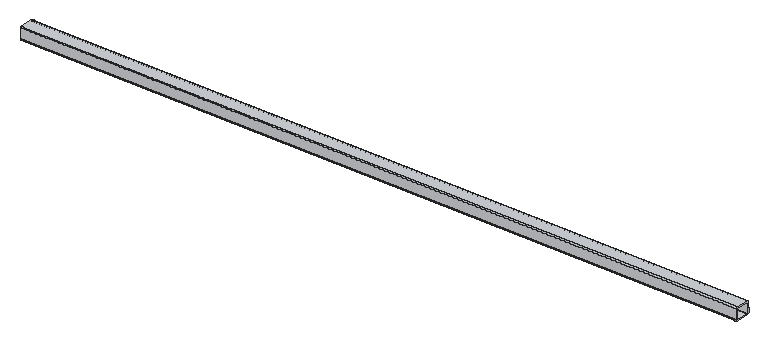
Revit family "CENTUM Profil XL 120 6m vertikal L2D", category HLS-Bauteile, Revit 2023
Family settings
  Bemaßung runder Anschluss = Durchmesser verwenden
  Teiletyp = Normal
  Arbeitsebenenbasiert = Ja
  Immer vertikal = Nein
  Beim Laden mit Abzugskörper schneiden = Nein
  Beschriftungsausrichtung beibehalten = Nein
  Gemeinsam genutzt = Ja
  Raumberechnungspunkt = Nein
Parameters (values of type "Centum Profil XL120 L=6000 L2D")
  vpe = "6"
  Widerstandsmoment Wz = "47.44 cm³"
  Widerstandsmoment Wy = "51.76 cm³"
  Default Elevation = 1219.2 mm
  Trägheitsradius iz = "4.05 cm"
  Trägheitsradius iy = "4.64 cm"
  Torsionswiderstandsmoment Wt = "89.10 cm³"
  Stärke = 4 mm
  Streckgrenze = "235 N/mm²"
  Schwerpunktabstand ez = " cm"
  Schwerpunktabstand eu = " cm"
  Schwerpunktabstand eo = " cm"
  Schlitzbreite = " mm"
  Regelhalter [instance] = ""
  Profiltyp = "XL 120"
  Profil = "CENTUM"
  Oberflaeche = "feuerstückverzinkt"
  Montagelänge [instance] = 6000 mm
  Mengeneinheit = "m"
  Materialname = "S275"
  Material = "Stahl"
  Länge = 6000 mm
  Lochdurchmesser = " mm"
  Langloch = "14.0 x 65.0 mm"
  Kurztext2 = "100 / 120 / 4 mm L= 6 m fsv"
  Kurztext1 = "Montageprofil CENTUM XL 120"
  Höhe = "120 mm"
  Gewicht pro Stück [instance] = (Gewicht * Montagelänge / (1000 mm * 1000 mm)) * 1000 mm  # 73.20 kg
  Gewicht pro Bauteil [instance] = Gewicht pro Stück  # 73.20 kg
  Gewicht = 12.20 kg
  Gesamtlänge [instance] = Montagelänge  # 6000 mm
  Gesamtgewicht [instance] = Gewicht pro Bauteil  # 73.20 kg
  Fläche (schwächster Profilquerschnitt) = 0.001445 m²
  Firma = "MEFA Befestigungs- und Montagesysteme GmbH"
  Fabrikat = "MEFA"
  Erweiterung Langloch = " mm"
  EAN = "4250928436641"
  Bund = "72 m"
  Breite = 100 mm
  Artikelnummer = "16012060"
  Anzahl Langloch [instance] = Montagelänge / 80 mm  # 75
  Abmessung = "100/120/4.0 mm"
Reference planes
  plane 1 "Mitte (Vorne/hinten)": y = 0
  plane 2: z = 0
  plane 3 "Mitte (Links/rechts)": x = 0
  plane 4: x = 6000
Forms (mm)
  Extrusion 1, solid, detail levels fine
    sketch origin (0, -60, 50) x (0, 0, -1) y (0, 1, 0)
      loop
        arc (44, 0) -> (48.243, 1.757) -> (50, 6) r 6
        line (50, 6) -> (50, 114)
        arc (50, 114) -> (48.243, 118.243) -> (44, 120) r 6
        line (44, 120) -> (-44, 120)
        arc (-44, 120) -> (-48.243, 118.243) -> (-50, 114) r 6
        line (-50, 114) -> (-50, 6)
        arc (-50, 6) -> (-48.243, 1.757) -> (-44, 0) r 6
        line (-44, 0) -> (44, 0)
      loop
        arc (46, 114) -> (45.414, 115.414) -> (44, 116) r 2
        line (44, 116) -> (-44, 116)
        arc (-44, 116) -> (-45.414, 115.414) -> (-46, 114) r 2
        line (-46, 114) -> (-46, 6)
        arc (-46, 6) -> (-45.414, 4.586) -> (-44, 4) r 2
        line (-44, 4) -> (44, 4)
        arc (44, 4) -> (45.414, 4.586) -> (46, 6) r 2
        line (46, 6) -> (46, 114)
    from 0 to 6000
  Extrusion 2, solid, detail levels medium
    sketch origin (0, -60, 50) x (0, 0, -1) y (0, 1, 0)
      loop
        line (50, 0) -> (50, 120) -> (-50, 120) -> (-50, 0) -> (50, 0)
      loop
        line (46, 116) -> (-46, 116) -> (-46, 4) -> (46, 4) -> (46, 116)
    from 0 to 6000
  Extrusion 3, solid, detail levels coarse
    sketch origin (0, -60, 50) x (0, 0, -1) y (0, 1, 0)
      loop
        line (50, 0) -> (50, 120) -> (-50, 120) -> (-50, 0) -> (50, 0)
    from 0 to 6000
Lines and regions (mm)
  model lines
    curve 1: line (0, 70, 50) -> (0, -70, 50)
    curve 2: line (0, 0, 130) -> (0, 0, -10)
Dimensions and locks
  "Montagelänge": plane 4 to plane 3 "Mitte (Links/rechts)"
  Extrusion 1 sketch curve to Extrusion 1 sketch curve = 120 mm
  Extrusion 2 sketch curve to Extrusion 2 sketch curve = 120 mm
  Extrusion 3 sketch curve to Extrusion 3 sketch curve = 120 mm
  equal spacing: group 1, group 2, group 3, group 4, group 5, group 6, group 7, group 8, group 9, group 10, group 11, group 12, group 13, group 14, group 15, group 16, group 17, group 18, group 19, group 20, group 21, group 22, group 23, group 24, group 25, group 26, group 27, group 28, group 29, group 30, group 31, group 32, group 33, group 34, group 35, group 36, group 37, group 38, group 39, group 40, group 41, group 42, group 43, group 44, group 45, group 46, group 47, group 48, group 49, group 50, group 51, group 52, group 53, group 54, group 55, group 56, group 57, group 58, group 59, group 60, group 61, group 62, group 63, group 64, group 65, group 66, group 67, group 68, group 69, group 70, group 71, group 72, group 73, group 74, group 75  (x3)
  aligned and locked: level to plane 2
  aligned and locked: plane 4 to Extrusion 1
  aligned and locked: Extrusion 3 to Extrusion 1
  aligned and locked: Extrusion 2 to Extrusion 1
  aligned and locked: nested 1 to nested 2
  aligned and locked: nested 2 to nested 3
  aligned and locked: nested 1 to nested 4
  aligned and locked: nested 5 to nested 6
  aligned and locked: nested 6 to nested 7
  aligned and locked: nested 5 to nested 8
  aligned and locked: nested 9 to nested 10
  aligned and locked: nested 10 to nested 11
  aligned and locked: nested 9 to nested 12
  aligned and locked: nested 13 to nested 14
  aligned and locked: nested 14 to nested 15
  aligned and locked: nested 13 to nested 16
  aligned and locked: nested 17 to nested 18
  aligned and locked: nested 18 to nested 19
  aligned and locked: nested 17 to nested 20
  aligned and locked: nested 21 to nested 22
  aligned and locked: nested 22 to nested 23
  aligned and locked: nested 21 to nested 24
  aligned and locked: nested 25 to nested 26
  aligned and locked: nested 26 to nested 27
  aligned and locked: nested 25 to nested 28
  aligned and locked: nested 29 to nested 30
  aligned and locked: nested 30 to nested 31
  aligned and locked: nested 29 to nested 32
  aligned and locked: nested 33 to nested 34
  aligned and locked: nested 34 to nested 35
  aligned and locked: nested 33 to nested 36
  aligned and locked: nested 37 to nested 38
  aligned and locked: nested 38 to nested 39
  aligned and locked: nested 37 to nested 40
  aligned and locked: nested 41 to nested 42
  aligned and locked: nested 42 to nested 43
  aligned and locked: nested 41 to nested 44
  aligned and locked: nested 45 to nested 46
  aligned and locked: nested 46 to nested 47
  aligned and locked: nested 45 to nested 48
  aligned and locked: nested 49 to nested 50
  aligned and locked: nested 50 to nested 51
  aligned and locked: nested 49 to nested 52
  aligned and locked: nested 53 to nested 54
  aligned and locked: nested 54 to nested 55
  aligned and locked: nested 53 to nested 56
  aligned and locked: nested 57 to nested 58
  aligned and locked: nested 58 to nested 59
  aligned and locked: nested 57 to nested 60
  aligned and locked: nested 61 to nested 62
  aligned and locked: nested 62 to nested 63
  aligned and locked: nested 61 to nested 64
  aligned and locked: nested 65 to nested 66
  aligned and locked: nested 66 to nested 67
  aligned and locked: nested 65 to nested 68
  aligned and locked: nested 69 to nested 70
  aligned and locked: nested 70 to nested 71
  aligned and locked: nested 69 to nested 72
  aligned and locked: nested 73 to nested 74
  aligned and locked: nested 74 to nested 75
  aligned and locked: nested 73 to nested 76
  aligned and locked: nested 77 to nested 78
  aligned and locked: nested 78 to nested 79
  aligned and locked: nested 77 to nested 80
  aligned and locked: nested 81 to nested 82
  aligned and locked: nested 82 to nested 83
  aligned and locked: nested 81 to nested 84
  aligned and locked: nested 85 to nested 86
  aligned and locked: nested 86 to nested 87
  aligned and locked: nested 85 to nested 88
  aligned and locked: nested 89 to nested 90
  aligned and locked: nested 90 to nested 91
  aligned and locked: nested 89 to nested 92
  aligned and locked: nested 93 to nested 94
  aligned and locked: nested 94 to nested 95
  aligned and locked: nested 93 to nested 96
  aligned and locked: nested 97 to nested 98
  aligned and locked: nested 98 to nested 99
  aligned and locked: nested 97 to nested 100
  aligned and locked: nested 101 to nested 102
  aligned and locked: nested 102 to nested 103
  aligned and locked: nested 101 to nested 104
  aligned and locked: nested 105 to nested 106
  aligned and locked: nested 106 to nested 107
  aligned and locked: nested 105 to nested 108
  aligned and locked: nested 109 to nested 110
  aligned and locked: nested 110 to nested 111
  aligned and locked: nested 109 to nested 112
  aligned and locked: nested 113 to nested 114
  aligned and locked: nested 114 to nested 115
  aligned and locked: nested 113 to nested 116
  aligned and locked: nested 117 to nested 118
  aligned and locked: nested 118 to nested 119
  aligned and locked: nested 117 to nested 120
  aligned and locked: nested 121 to nested 122
  aligned and locked: nested 122 to nested 123
  aligned and locked: nested 121 to nested 124
  aligned and locked: nested 125 to nested 126
  aligned and locked: nested 126 to nested 127
  aligned and locked: nested 125 to nested 128
  aligned and locked: nested 129 to nested 130
  aligned and locked: nested 130 to nested 131
  aligned and locked: nested 129 to nested 132
  aligned and locked: nested 133 to nested 134
  aligned and locked: nested 134 to nested 135
  aligned and locked: nested 133 to nested 136
  aligned and locked: nested 137 to nested 138
  aligned and locked: nested 138 to nested 139
  aligned and locked: nested 137 to nested 140
  aligned and locked: nested 141 to nested 142
  aligned and locked: nested 142 to nested 143
  aligned and locked: nested 141 to nested 144
  aligned and locked: nested 145 to nested 146
  aligned and locked: nested 146 to nested 147
  aligned and locked: nested 145 to nested 148
  aligned and locked: nested 149 to nested 150
  aligned and locked: nested 150 to nested 151
  aligned and locked: nested 149 to nested 152
  aligned and locked: nested 153 to nested 154
  aligned and locked: nested 154 to nested 155
  aligned and locked: nested 153 to nested 156
  aligned and locked: nested 157 to nested 158
  aligned and locked: nested 158 to nested 159
  aligned and locked: nested 157 to nested 160
  aligned and locked: nested 161 to nested 162
  aligned and locked: nested 162 to nested 163
  aligned and locked: nested 161 to nested 164
  aligned and locked: nested 165 to nested 166
  aligned and locked: nested 166 to nested 167
  aligned and locked: nested 165 to nested 168
  aligned and locked: nested 169 to nested 170
  aligned and locked: nested 170 to nested 171
  aligned and locked: nested 169 to nested 172
  aligned and locked: nested 173 to nested 174
  aligned and locked: nested 174 to nested 175
  aligned and locked: nested 173 to nested 176
  aligned and locked: nested 177 to nested 178
  aligned and locked: nested 178 to nested 179
  aligned and locked: nested 177 to nested 180
  aligned and locked: nested 181 to nested 182
  aligned and locked: nested 182 to nested 183
  aligned and locked: nested 181 to nested 184
  aligned and locked: nested 185 to nested 186
  aligned and locked: nested 186 to nested 187
  aligned and locked: nested 185 to nested 188
  aligned and locked: nested 189 to nested 190
  aligned and locked: nested 190 to nested 191
  aligned and locked: nested 189 to nested 192
  aligned and locked: nested 193 to nested 194
  aligned and locked: nested 194 to nested 195
  aligned and locked: nested 193 to nested 196
  aligned and locked: nested 197 to nested 198
  aligned and locked: nested 198 to nested 199
  aligned and locked: nested 197 to nested 200
  aligned and locked: nested 201 to nested 202
  aligned and locked: nested 202 to nested 203
  aligned and locked: nested 201 to nested 204
  aligned and locked: nested 205 to nested 206
  aligned and locked: nested 206 to nested 207
  aligned and locked: nested 205 to nested 208
  aligned and locked: nested 209 to nested 210
  aligned and locked: nested 210 to nested 211
  aligned and locked: nested 209 to nested 212
  aligned and locked: nested 213 to nested 214
  aligned and locked: nested 214 to nested 215
  aligned and locked: nested 213 to nested 216
  aligned and locked: nested 217 to nested 218
  aligned and locked: nested 218 to nested 219
  aligned and locked: nested 217 to nested 220
  aligned and locked: nested 221 to nested 222
  aligned and locked: nested 222 to nested 223
  aligned and locked: nested 221 to nested 224
  aligned and locked: nested 225 to nested 226
  aligned and locked: nested 226 to nested 227
  aligned and locked: nested 225 to nested 228
  aligned and locked: nested 229 to nested 230
  aligned and locked: nested 230 to nested 231
  aligned and locked: nested 229 to nested 232
  aligned and locked: nested 233 to nested 234
  aligned and locked: nested 234 to nested 235
  aligned and locked: nested 233 to nested 236
  aligned and locked: nested 237 to nested 238
  aligned and locked: nested 238 to nested 239
  aligned and locked: nested 237 to nested 240
  aligned and locked: nested 241 to nested 242
  aligned and locked: nested 242 to nested 243
  aligned and locked: nested 241 to nested 244
  aligned and locked: nested 245 to nested 246
  aligned and locked: nested 246 to nested 247
  aligned and locked: nested 245 to nested 248
  aligned and locked: nested 249 to nested 250
  aligned and locked: nested 250 to nested 251
  aligned and locked: nested 249 to nested 252
  aligned and locked: nested 253 to nested 254
  aligned and locked: nested 254 to nested 255
  aligned and locked: nested 253 to nested 256
  aligned and locked: nested 257 to nested 258
  aligned and locked: nested 258 to nested 259
  aligned and locked: nested 257 to nested 260
  aligned and locked: nested 261 to nested 262
  aligned and locked: nested 262 to nested 263
  aligned and locked: nested 261 to nested 264
  aligned and locked: nested 265 to nested 266
  aligned and locked: nested 266 to nested 267
  aligned and locked: nested 265 to nested 268
  aligned and locked: nested 269 to nested 270
  aligned and locked: nested 270 to nested 271
  aligned and locked: nested 269 to nested 272
  aligned and locked: nested 273 to nested 274
  aligned and locked: nested 274 to nested 275
  aligned and locked: nested 273 to nested 276
  aligned and locked: nested 277 to nested 278
  aligned and locked: nested 278 to nested 279
  aligned and locked: nested 277 to nested 280
  aligned and locked: nested 281 to nested 282
  aligned and locked: nested 282 to nested 283
  aligned and locked: nested 281 to nested 284
  aligned and locked: nested 285 to nested 286
  aligned and locked: nested 286 to nested 287
  aligned and locked: nested 285 to nested 288
  aligned and locked: nested 289 to nested 290
  aligned and locked: nested 290 to nested 291
  aligned and locked: nested 289 to nested 292
  aligned and locked: nested 293 to nested 294
  aligned and locked: nested 294 to nested 295
  aligned and locked: nested 293 to nested 296
  aligned and locked: nested 297 to nested 298
  aligned and locked: nested 298 to nested 299
  aligned and locked: nested 297 to nested 300
Automatic sketch dimensions
  curve 2 to plane 1 "Mitte (Vorne/hinten)" = 0 mm
  curve 2 to level = 10 mm
  plane 1 "Mitte (Vorne/hinten)" to curve 1 = 70 mm
  curve 1 to plane 1 "Mitte (Vorne/hinten)" = 70 mm
  level to curve 1 = 50 mm
  curve 1 to curve 2 = 80 mm
  Extrusion 1 sketch curve to Extrusion 1 sketch curve = 0 mm  (x8)
  plane 1 "Mitte (Vorne/hinten)" to Extrusion 1 sketch curve = 54 mm
  level to Extrusion 1 sketch curve = 100 mm
  Extrusion 1 sketch curve to Extrusion 1 sketch curve = 4 mm
  Extrusion 1 sketch curve to Extrusion 1 sketch curve = 2 mm  (x3)
  level to Extrusion 1 sketch curve = 6 mm  (x2)
  level to Extrusion 2 sketch curve = 100 mm
  Extrusion 2 sketch curve to Extrusion 2 sketch curve = 4 mm  (x4)
  level to Extrusion 2 sketch curve = 4 mm
  plane 1 "Mitte (Vorne/hinten)" to Extrusion 2 sketch curve = 60 mm
  level to Extrusion 3 sketch curve = 100 mm
  level to Extrusion 3 sketch curve = 0 mm
  plane 1 "Mitte (Vorne/hinten)" to Extrusion 3 sketch curve = 60 mm
Nested families
  nested 1: "Langloch 14 x 65 2D" at (40, 60, 50) x (-1, 0, 0) z (0, 1, 0), type "Langloch 14 x 65 2D", detail levels fine
  nested 2: "Langloch 14 x 65 2D" at (40, 0, 100) x (-1, 0, 0) z (0, 0, 1), type "Langloch 14 x 65 2D", detail levels fine
  nested 3: "Langloch 14 x 65 2D" at (40, -60, 50) x (-1, 0, 0) z (0, -1, 0), type "Langloch 14 x 65 2D", detail levels fine
  nested 4: "Langloch 14 x 65 2D" at (40, 0, 0) x (-1, 0, 0) z (0, 0, -1), type "Langloch 14 x 65 2D", detail levels fine
  nested 5: "Langloch 14 x 65 2D" at (120, 60, 50) x (-1, 0, 0) z (0, 1, 0), type "Langloch 14 x 65 2D", detail levels fine
  nested 6: "Langloch 14 x 65 2D" at (120, 0, 100) x (-1, 0, 0) z (0, 0, 1), type "Langloch 14 x 65 2D", detail levels fine
  nested 7: "Langloch 14 x 65 2D" at (120, -60, 50) x (-1, 0, 0) z (0, -1, 0), type "Langloch 14 x 65 2D", detail levels fine
  nested 8: "Langloch 14 x 65 2D" at (120, 0, 0) x (-1, 0, 0) z (0, 0, -1), type "Langloch 14 x 65 2D", detail levels fine
  nested 9: "Langloch 14 x 65 2D" at (200, 60, 50) x (-1, 0, 0) z (0, 1, 0), type "Langloch 14 x 65 2D", detail levels fine
  nested 10: "Langloch 14 x 65 2D" at (200, 0, 100) x (-1, 0, 0) z (0, 0, 1), type "Langloch 14 x 65 2D", detail levels fine
  nested 11: "Langloch 14 x 65 2D" at (200, -60, 50) x (-1, 0, 0) z (0, -1, 0), type "Langloch 14 x 65 2D", detail levels fine
  nested 12: "Langloch 14 x 65 2D" at (200, 0, 0) x (-1, 0, 0) z (0, 0, -1), type "Langloch 14 x 65 2D", detail levels fine
  nested 13: "Langloch 14 x 65 2D" at (280, 60, 50) x (-1, 0, 0) z (0, 1, 0), type "Langloch 14 x 65 2D", detail levels fine
  nested 14: "Langloch 14 x 65 2D" at (280, 0, 100) x (-1, 0, 0) z (0, 0, 1), type "Langloch 14 x 65 2D", detail levels fine
  nested 15: "Langloch 14 x 65 2D" at (280, -60, 50) x (-1, 0, 0) z (0, -1, 0), type "Langloch 14 x 65 2D", detail levels fine
  nested 16: "Langloch 14 x 65 2D" at (280, 0, 0) x (-1, 0, 0) z (0, 0, -1), type "Langloch 14 x 65 2D", detail levels fine
  nested 17: "Langloch 14 x 65 2D" at (360, 60, 50) x (-1, 0, 0) z (0, 1, 0), type "Langloch 14 x 65 2D", detail levels fine
  nested 18: "Langloch 14 x 65 2D" at (360, 0, 100) x (-1, 0, 0) z (0, 0, 1), type "Langloch 14 x 65 2D", detail levels fine
  nested 19: "Langloch 14 x 65 2D" at (360, -60, 50) x (-1, 0, 0) z (0, -1, 0), type "Langloch 14 x 65 2D", detail levels fine
  nested 20: "Langloch 14 x 65 2D" at (360, 0, 0) x (-1, 0, 0) z (0, 0, -1), type "Langloch 14 x 65 2D", detail levels fine
  nested 21: "Langloch 14 x 65 2D" at (440, 60, 50) x (-1, 0, 0) z (0, 1, 0), type "Langloch 14 x 65 2D", detail levels fine
  nested 22: "Langloch 14 x 65 2D" at (440, 0, 100) x (-1, 0, 0) z (0, 0, 1), type "Langloch 14 x 65 2D", detail levels fine
  nested 23: "Langloch 14 x 65 2D" at (440, -60, 50) x (-1, 0, 0) z (0, -1, 0), type "Langloch 14 x 65 2D", detail levels fine
  nested 24: "Langloch 14 x 65 2D" at (440, 0, 0) x (-1, 0, 0) z (0, 0, -1), type "Langloch 14 x 65 2D", detail levels fine
  nested 25: "Langloch 14 x 65 2D" at (520, 60, 50) x (-1, 0, 0) z (0, 1, 0), type "Langloch 14 x 65 2D", detail levels fine
  nested 26: "Langloch 14 x 65 2D" at (520, 0, 100) x (-1, 0, 0) z (0, 0, 1), type "Langloch 14 x 65 2D", detail levels fine
  nested 27: "Langloch 14 x 65 2D" at (520, -60, 50) x (-1, 0, 0) z (0, -1, 0), type "Langloch 14 x 65 2D", detail levels fine
  nested 28: "Langloch 14 x 65 2D" at (520, 0, 0) x (-1, 0, 0) z (0, 0, -1), type "Langloch 14 x 65 2D", detail levels fine
  nested 29: "Langloch 14 x 65 2D" at (600, 60, 50) x (-1, 0, 0) z (0, 1, 0), type "Langloch 14 x 65 2D", detail levels fine
  nested 30: "Langloch 14 x 65 2D" at (600, 0, 100) x (-1, 0, 0) z (0, 0, 1), type "Langloch 14 x 65 2D", detail levels fine
  nested 31: "Langloch 14 x 65 2D" at (600, -60, 50) x (-1, 0, 0) z (0, -1, 0), type "Langloch 14 x 65 2D", detail levels fine
  nested 32: "Langloch 14 x 65 2D" at (600, 0, 0) x (-1, 0, 0) z (0, 0, -1), type "Langloch 14 x 65 2D", detail levels fine
  nested 33: "Langloch 14 x 65 2D" at (680, 60, 50) x (-1, 0, 0) z (0, 1, 0), type "Langloch 14 x 65 2D", detail levels fine
  nested 34: "Langloch 14 x 65 2D" at (680, 0, 100) x (-1, 0, 0) z (0, 0, 1), type "Langloch 14 x 65 2D", detail levels fine
  nested 35: "Langloch 14 x 65 2D" at (680, -60, 50) x (-1, 0, 0) z (0, -1, 0), type "Langloch 14 x 65 2D", detail levels fine
  nested 36: "Langloch 14 x 65 2D" at (680, 0, 0) x (-1, 0, 0) z (0, 0, -1), type "Langloch 14 x 65 2D", detail levels fine
  nested 37: "Langloch 14 x 65 2D" at (760, 60, 50) x (-1, 0, 0) z (0, 1, 0), type "Langloch 14 x 65 2D", detail levels fine
  nested 38: "Langloch 14 x 65 2D" at (760, 0, 100) x (-1, 0, 0) z (0, 0, 1), type "Langloch 14 x 65 2D", detail levels fine
  nested 39: "Langloch 14 x 65 2D" at (760, -60, 50) x (-1, 0, 0) z (0, -1, 0), type "Langloch 14 x 65 2D", detail levels fine
  nested 40: "Langloch 14 x 65 2D" at (760, 0, 0) x (-1, 0, 0) z (0, 0, -1), type "Langloch 14 x 65 2D", detail levels fine
  nested 41: "Langloch 14 x 65 2D" at (840, 60, 50) x (-1, 0, 0) z (0, 1, 0), type "Langloch 14 x 65 2D", detail levels fine
  nested 42: "Langloch 14 x 65 2D" at (840, 0, 100) x (-1, 0, 0) z (0, 0, 1), type "Langloch 14 x 65 2D", detail levels fine
  nested 43: "Langloch 14 x 65 2D" at (840, -60, 50) x (-1, 0, 0) z (0, -1, 0), type "Langloch 14 x 65 2D", detail levels fine
  nested 44: "Langloch 14 x 65 2D" at (840, 0, 0) x (-1, 0, 0) z (0, 0, -1), type "Langloch 14 x 65 2D", detail levels fine
  nested 45: "Langloch 14 x 65 2D" at (920, 60, 50) x (-1, 0, 0) z (0, 1, 0), type "Langloch 14 x 65 2D", detail levels fine
  nested 46: "Langloch 14 x 65 2D" at (920, 0, 100) x (-1, 0, 0) z (0, 0, 1), type "Langloch 14 x 65 2D", detail levels fine
  nested 47: "Langloch 14 x 65 2D" at (920, -60, 50) x (-1, 0, 0) z (0, -1, 0), type "Langloch 14 x 65 2D", detail levels fine
  nested 48: "Langloch 14 x 65 2D" at (920, 0, 0) x (-1, 0, 0) z (0, 0, -1), type "Langloch 14 x 65 2D", detail levels fine
  nested 49: "Langloch 14 x 65 2D" at (1000, 60, 50) x (-1, 0, 0) z (0, 1, 0), type "Langloch 14 x 65 2D", detail levels fine
  nested 50: "Langloch 14 x 65 2D" at (1000, 0, 100) x (-1, 0, 0) z (0, 0, 1), type "Langloch 14 x 65 2D", detail levels fine
  nested 51: "Langloch 14 x 65 2D" at (1000, -60, 50) x (-1, 0, 0) z (0, -1, 0), type "Langloch 14 x 65 2D", detail levels fine
  nested 52: "Langloch 14 x 65 2D" at (1000, 0, 0) x (-1, 0, 0) z (0, 0, -1), type "Langloch 14 x 65 2D", detail levels fine
  nested 53: "Langloch 14 x 65 2D" at (1080, 60, 50) x (-1, 0, 0) z (0, 1, 0), type "Langloch 14 x 65 2D", detail levels fine
  nested 54: "Langloch 14 x 65 2D" at (1080, 0, 100) x (-1, 0, 0) z (0, 0, 1), type "Langloch 14 x 65 2D", detail levels fine
  nested 55: "Langloch 14 x 65 2D" at (1080, -60, 50) x (-1, 0, 0) z (0, -1, 0), type "Langloch 14 x 65 2D", detail levels fine
  nested 56: "Langloch 14 x 65 2D" at (1080, 0, 0) x (-1, 0, 0) z (0, 0, -1), type "Langloch 14 x 65 2D", detail levels fine
  nested 57: "Langloch 14 x 65 2D" at (1160, 60, 50) x (-1, 0, 0) z (0, 1, 0), type "Langloch 14 x 65 2D", detail levels fine
  nested 58: "Langloch 14 x 65 2D" at (1160, 0, 100) x (-1, 0, 0) z (0, 0, 1), type "Langloch 14 x 65 2D", detail levels fine
  nested 59: "Langloch 14 x 65 2D" at (1160, -60, 50) x (-1, 0, 0) z (0, -1, 0), type "Langloch 14 x 65 2D", detail levels fine
  nested 60: "Langloch 14 x 65 2D" at (1160, 0, 0) x (-1, 0, 0) z (0, 0, -1), type "Langloch 14 x 65 2D", detail levels fine
  nested 61: "Langloch 14 x 65 2D" at (1240, 60, 50) x (-1, 0, 0) z (0, 1, 0), type "Langloch 14 x 65 2D", detail levels fine
  nested 62: "Langloch 14 x 65 2D" at (1240, 0, 100) x (-1, 0, 0) z (0, 0, 1), type "Langloch 14 x 65 2D", detail levels fine
  nested 63: "Langloch 14 x 65 2D" at (1240, -60, 50) x (-1, 0, 0) z (0, -1, 0), type "Langloch 14 x 65 2D", detail levels fine
  nested 64: "Langloch 14 x 65 2D" at (1240, 0, 0) x (-1, 0, 0) z (0, 0, -1), type "Langloch 14 x 65 2D", detail levels fine
  nested 65: "Langloch 14 x 65 2D" at (1320, 60, 50) x (-1, 0, 0) z (0, 1, 0), type "Langloch 14 x 65 2D", detail levels fine
  nested 66: "Langloch 14 x 65 2D" at (1320, 0, 100) x (-1, 0, 0) z (0, 0, 1), type "Langloch 14 x 65 2D", detail levels fine
  nested 67: "Langloch 14 x 65 2D" at (1320, -60, 50) x (-1, 0, 0) z (0, -1, 0), type "Langloch 14 x 65 2D", detail levels fine
  nested 68: "Langloch 14 x 65 2D" at (1320, 0, 0) x (-1, 0, 0) z (0, 0, -1), type "Langloch 14 x 65 2D", detail levels fine
  nested 69: "Langloch 14 x 65 2D" at (1400, 60, 50) x (-1, 0, 0) z (0, 1, 0), type "Langloch 14 x 65 2D", detail levels fine
  nested 70: "Langloch 14 x 65 2D" at (1400, 0, 100) x (-1, 0, 0) z (0, 0, 1), type "Langloch 14 x 65 2D", detail levels fine
  nested 71: "Langloch 14 x 65 2D" at (1400, -60, 50) x (-1, 0, 0) z (0, -1, 0), type "Langloch 14 x 65 2D", detail levels fine
  nested 72: "Langloch 14 x 65 2D" at (1400, 0, 0) x (-1, 0, 0) z (0, 0, -1), type "Langloch 14 x 65 2D", detail levels fine
  nested 73: "Langloch 14 x 65 2D" at (1480, 60, 50) x (-1, 0, 0) z (0, 1, 0), type "Langloch 14 x 65 2D", detail levels fine
  nested 74: "Langloch 14 x 65 2D" at (1480, 0, 100) x (-1, 0, 0) z (0, 0, 1), type "Langloch 14 x 65 2D", detail levels fine
  nested 75: "Langloch 14 x 65 2D" at (1480, -60, 50) x (-1, 0, 0) z (0, -1, 0), type "Langloch 14 x 65 2D", detail levels fine
  nested 76: "Langloch 14 x 65 2D" at (1480, 0, 0) x (-1, 0, 0) z (0, 0, -1), type "Langloch 14 x 65 2D", detail levels fine
  nested 77: "Langloch 14 x 65 2D" at (1560, 60, 50) x (-1, 0, 0) z (0, 1, 0), type "Langloch 14 x 65 2D", detail levels fine
  nested 78: "Langloch 14 x 65 2D" at (1560, 0, 100) x (-1, 0, 0) z (0, 0, 1), type "Langloch 14 x 65 2D", detail levels fine
  nested 79: "Langloch 14 x 65 2D" at (1560, -60, 50) x (-1, 0, 0) z (0, -1, 0), type "Langloch 14 x 65 2D", detail levels fine
  nested 80: "Langloch 14 x 65 2D" at (1560, 0, 0) x (-1, 0, 0) z (0, 0, -1), type "Langloch 14 x 65 2D", detail levels fine
  nested 81: "Langloch 14 x 65 2D" at (1640, 60, 50) x (-1, 0, 0) z (0, 1, 0), type "Langloch 14 x 65 2D", detail levels fine
  nested 82: "Langloch 14 x 65 2D" at (1640, 0, 100) x (-1, 0, 0) z (0, 0, 1), type "Langloch 14 x 65 2D", detail levels fine
  nested 83: "Langloch 14 x 65 2D" at (1640, -60, 50) x (-1, 0, 0) z (0, -1, 0), type "Langloch 14 x 65 2D", detail levels fine
  nested 84: "Langloch 14 x 65 2D" at (1640, 0, 0) x (-1, 0, 0) z (0, 0, -1), type "Langloch 14 x 65 2D", detail levels fine
  nested 85: "Langloch 14 x 65 2D" at (1720, 60, 50) x (-1, 0, 0) z (0, 1, 0), type "Langloch 14 x 65 2D", detail levels fine
  nested 86: "Langloch 14 x 65 2D" at (1720, 0, 100) x (-1, 0, 0) z (0, 0, 1), type "Langloch 14 x 65 2D", detail levels fine
  nested 87: "Langloch 14 x 65 2D" at (1720, -60, 50) x (-1, 0, 0) z (0, -1, 0), type "Langloch 14 x 65 2D", detail levels fine
  nested 88: "Langloch 14 x 65 2D" at (1720, 0, 0) x (-1, 0, 0) z (0, 0, -1), type "Langloch 14 x 65 2D", detail levels fine
  nested 89: "Langloch 14 x 65 2D" at (1800, 60, 50) x (-1, 0, 0) z (0, 1, 0), type "Langloch 14 x 65 2D", detail levels fine
  nested 90: "Langloch 14 x 65 2D" at (1800, 0, 100) x (-1, 0, 0) z (0, 0, 1), type "Langloch 14 x 65 2D", detail levels fine
  nested 91: "Langloch 14 x 65 2D" at (1800, -60, 50) x (-1, 0, 0) z (0, -1, 0), type "Langloch 14 x 65 2D", detail levels fine
  nested 92: "Langloch 14 x 65 2D" at (1800, 0, 0) x (-1, 0, 0) z (0, 0, -1), type "Langloch 14 x 65 2D", detail levels fine
  nested 93: "Langloch 14 x 65 2D" at (1880, 60, 50) x (-1, 0, 0) z (0, 1, 0), type "Langloch 14 x 65 2D", detail levels fine
  nested 94: "Langloch 14 x 65 2D" at (1880, 0, 100) x (-1, 0, 0) z (0, 0, 1), type "Langloch 14 x 65 2D", detail levels fine
  nested 95: "Langloch 14 x 65 2D" at (1880, -60, 50) x (-1, 0, 0) z (0, -1, 0), type "Langloch 14 x 65 2D", detail levels fine
  nested 96: "Langloch 14 x 65 2D" at (1880, 0, 0) x (-1, 0, 0) z (0, 0, -1), type "Langloch 14 x 65 2D", detail levels fine
  nested 97: "Langloch 14 x 65 2D" at (1960, 60, 50) x (-1, 0, 0) z (0, 1, 0), type "Langloch 14 x 65 2D", detail levels fine
  nested 98: "Langloch 14 x 65 2D" at (1960, 0, 100) x (-1, 0, 0) z (0, 0, 1), type "Langloch 14 x 65 2D", detail levels fine
  nested 99: "Langloch 14 x 65 2D" at (1960, -60, 50) x (-1, 0, 0) z (0, -1, 0), type "Langloch 14 x 65 2D", detail levels fine
  nested 100: "Langloch 14 x 65 2D" at (1960, 0, 0) x (-1, 0, 0) z (0, 0, -1), type "Langloch 14 x 65 2D", detail levels fine
  nested 101: "Langloch 14 x 65 2D" at (2040, 60, 50) x (-1, 0, 0) z (0, 1, 0), type "Langloch 14 x 65 2D", detail levels fine
  nested 102: "Langloch 14 x 65 2D" at (2040, 0, 100) x (-1, 0, 0) z (0, 0, 1), type "Langloch 14 x 65 2D", detail levels fine
  nested 103: "Langloch 14 x 65 2D" at (2040, -60, 50) x (-1, 0, 0) z (0, -1, 0), type "Langloch 14 x 65 2D", detail levels fine
  nested 104: "Langloch 14 x 65 2D" at (2040, 0, 0) x (-1, 0, 0) z (0, 0, -1), type "Langloch 14 x 65 2D", detail levels fine
  nested 105: "Langloch 14 x 65 2D" at (2120, 60, 50) x (-1, 0, 0) z (0, 1, 0), type "Langloch 14 x 65 2D", detail levels fine
  nested 106: "Langloch 14 x 65 2D" at (2120, 0, 100) x (-1, 0, 0) z (0, 0, 1), type "Langloch 14 x 65 2D", detail levels fine
  nested 107: "Langloch 14 x 65 2D" at (2120, -60, 50) x (-1, 0, 0) z (0, -1, 0), type "Langloch 14 x 65 2D", detail levels fine
  nested 108: "Langloch 14 x 65 2D" at (2120, 0, 0) x (-1, 0, 0) z (0, 0, -1), type "Langloch 14 x 65 2D", detail levels fine
  nested 109: "Langloch 14 x 65 2D" at (2200, 60, 50) x (-1, 0, 0) z (0, 1, 0), type "Langloch 14 x 65 2D", detail levels fine
  nested 110: "Langloch 14 x 65 2D" at (2200, 0, 100) x (-1, 0, 0) z (0, 0, 1), type "Langloch 14 x 65 2D", detail levels fine
  nested 111: "Langloch 14 x 65 2D" at (2200, -60, 50) x (-1, 0, 0) z (0, -1, 0), type "Langloch 14 x 65 2D", detail levels fine
  nested 112: "Langloch 14 x 65 2D" at (2200, 0, 0) x (-1, 0, 0) z (0, 0, -1), type "Langloch 14 x 65 2D", detail levels fine
  nested 113: "Langloch 14 x 65 2D" at (2280, 60, 50) x (-1, 0, 0) z (0, 1, 0), type "Langloch 14 x 65 2D", detail levels fine
  nested 114: "Langloch 14 x 65 2D" at (2280, 0, 100) x (-1, 0, 0) z (0, 0, 1), type "Langloch 14 x 65 2D", detail levels fine
  nested 115: "Langloch 14 x 65 2D" at (2280, -60, 50) x (-1, 0, 0) z (0, -1, 0), type "Langloch 14 x 65 2D", detail levels fine
  nested 116: "Langloch 14 x 65 2D" at (2280, 0, 0) x (-1, 0, 0) z (0, 0, -1), type "Langloch 14 x 65 2D", detail levels fine
  nested 117: "Langloch 14 x 65 2D" at (2360, 60, 50) x (-1, 0, 0) z (0, 1, 0), type "Langloch 14 x 65 2D", detail levels fine
  nested 118: "Langloch 14 x 65 2D" at (2360, 0, 100) x (-1, 0, 0) z (0, 0, 1), type "Langloch 14 x 65 2D", detail levels fine
  nested 119: "Langloch 14 x 65 2D" at (2360, -60, 50) x (-1, 0, 0) z (0, -1, 0), type "Langloch 14 x 65 2D", detail levels fine
  nested 120: "Langloch 14 x 65 2D" at (2360, 0, 0) x (-1, 0, 0) z (0, 0, -1), type "Langloch 14 x 65 2D", detail levels fine
  nested 121: "Langloch 14 x 65 2D" at (2440, 60, 50) x (-1, 0, 0) z (0, 1, 0), type "Langloch 14 x 65 2D", detail levels fine
  nested 122: "Langloch 14 x 65 2D" at (2440, 0, 100) x (-1, 0, 0) z (0, 0, 1), type "Langloch 14 x 65 2D", detail levels fine
  nested 123: "Langloch 14 x 65 2D" at (2440, -60, 50) x (-1, 0, 0) z (0, -1, 0), type "Langloch 14 x 65 2D", detail levels fine
  nested 124: "Langloch 14 x 65 2D" at (2440, 0, 0) x (-1, 0, 0) z (0, 0, -1), type "Langloch 14 x 65 2D", detail levels fine
  nested 125: "Langloch 14 x 65 2D" at (2520, 60, 50) x (-1, 0, 0) z (0, 1, 0), type "Langloch 14 x 65 2D", detail levels fine
  nested 126: "Langloch 14 x 65 2D" at (2520, 0, 100) x (-1, 0, 0) z (0, 0, 1), type "Langloch 14 x 65 2D", detail levels fine
  nested 127: "Langloch 14 x 65 2D" at (2520, -60, 50) x (-1, 0, 0) z (0, -1, 0), type "Langloch 14 x 65 2D", detail levels fine
  nested 128: "Langloch 14 x 65 2D" at (2520, 0, 0) x (-1, 0, 0) z (0, 0, -1), type "Langloch 14 x 65 2D", detail levels fine
  nested 129: "Langloch 14 x 65 2D" at (2600, 60, 50) x (-1, 0, 0) z (0, 1, 0), type "Langloch 14 x 65 2D", detail levels fine
  nested 130: "Langloch 14 x 65 2D" at (2600, 0, 100) x (-1, 0, 0) z (0, 0, 1), type "Langloch 14 x 65 2D", detail levels fine
  nested 131: "Langloch 14 x 65 2D" at (2600, -60, 50) x (-1, 0, 0) z (0, -1, 0), type "Langloch 14 x 65 2D", detail levels fine
  nested 132: "Langloch 14 x 65 2D" at (2600, 0, 0) x (-1, 0, 0) z (0, 0, -1), type "Langloch 14 x 65 2D", detail levels fine
  nested 133: "Langloch 14 x 65 2D" at (2680, 60, 50) x (-1, 0, 0) z (0, 1, 0), type "Langloch 14 x 65 2D", detail levels fine
  nested 134: "Langloch 14 x 65 2D" at (2680, 0, 100) x (-1, 0, 0) z (0, 0, 1), type "Langloch 14 x 65 2D", detail levels fine
  nested 135: "Langloch 14 x 65 2D" at (2680, -60, 50) x (-1, 0, 0) z (0, -1, 0), type "Langloch 14 x 65 2D", detail levels fine
  nested 136: "Langloch 14 x 65 2D" at (2680, 0, 0) x (-1, 0, 0) z (0, 0, -1), type "Langloch 14 x 65 2D", detail levels fine
  nested 137: "Langloch 14 x 65 2D" at (2760, 60, 50) x (-1, 0, 0) z (0, 1, 0), type "Langloch 14 x 65 2D", detail levels fine
  nested 138: "Langloch 14 x 65 2D" at (2760, 0, 100) x (-1, 0, 0) z (0, 0, 1), type "Langloch 14 x 65 2D", detail levels fine
  nested 139: "Langloch 14 x 65 2D" at (2760, -60, 50) x (-1, 0, 0) z (0, -1, 0), type "Langloch 14 x 65 2D", detail levels fine
  nested 140: "Langloch 14 x 65 2D" at (2760, 0, 0) x (-1, 0, 0) z (0, 0, -1), type "Langloch 14 x 65 2D", detail levels fine
  nested 141: "Langloch 14 x 65 2D" at (2840, 60, 50) x (-1, 0, 0) z (0, 1, 0), type "Langloch 14 x 65 2D", detail levels fine
  nested 142: "Langloch 14 x 65 2D" at (2840, 0, 100) x (-1, 0, 0) z (0, 0, 1), type "Langloch 14 x 65 2D", detail levels fine
  nested 143: "Langloch 14 x 65 2D" at (2840, -60, 50) x (-1, 0, 0) z (0, -1, 0), type "Langloch 14 x 65 2D", detail levels fine
  nested 144: "Langloch 14 x 65 2D" at (2840, 0, 0) x (-1, 0, 0) z (0, 0, -1), type "Langloch 14 x 65 2D", detail levels fine
  nested 145: "Langloch 14 x 65 2D" at (2920, 60, 50) x (-1, 0, 0) z (0, 1, 0), type "Langloch 14 x 65 2D", detail levels fine
  nested 146: "Langloch 14 x 65 2D" at (2920, 0, 100) x (-1, 0, 0) z (0, 0, 1), type "Langloch 14 x 65 2D", detail levels fine
  nested 147: "Langloch 14 x 65 2D" at (2920, -60, 50) x (-1, 0, 0) z (0, -1, 0), type "Langloch 14 x 65 2D", detail levels fine
  nested 148: "Langloch 14 x 65 2D" at (2920, 0, 0) x (-1, 0, 0) z (0, 0, -1), type "Langloch 14 x 65 2D", detail levels fine
  nested 149: "Langloch 14 x 65 2D" at (3000, 60, 50) x (-1, 0, 0) z (0, 1, 0), type "Langloch 14 x 65 2D", detail levels fine
  nested 150: "Langloch 14 x 65 2D" at (3000, 0, 100) x (-1, 0, 0) z (0, 0, 1), type "Langloch 14 x 65 2D", detail levels fine
  nested 151: "Langloch 14 x 65 2D" at (3000, -60, 50) x (-1, 0, 0) z (0, -1, 0), type "Langloch 14 x 65 2D", detail levels fine
  nested 152: "Langloch 14 x 65 2D" at (3000, 0, 0) x (-1, 0, 0) z (0, 0, -1), type "Langloch 14 x 65 2D", detail levels fine
  nested 153: "Langloch 14 x 65 2D" at (3080, 60, 50) x (-1, 0, 0) z (0, 1, 0), type "Langloch 14 x 65 2D", detail levels fine
  nested 154: "Langloch 14 x 65 2D" at (3080, 0, 100) x (-1, 0, 0) z (0, 0, 1), type "Langloch 14 x 65 2D", detail levels fine
  nested 155: "Langloch 14 x 65 2D" at (3080, -60, 50) x (-1, 0, 0) z (0, -1, 0), type "Langloch 14 x 65 2D", detail levels fine
  nested 156: "Langloch 14 x 65 2D" at (3080, 0, 0) x (-1, 0, 0) z (0, 0, -1), type "Langloch 14 x 65 2D", detail levels fine
  nested 157: "Langloch 14 x 65 2D" at (3160, 60, 50) x (-1, 0, 0) z (0, 1, 0), type "Langloch 14 x 65 2D", detail levels fine
  nested 158: "Langloch 14 x 65 2D" at (3160, 0, 100) x (-1, 0, 0) z (0, 0, 1), type "Langloch 14 x 65 2D", detail levels fine
  nested 159: "Langloch 14 x 65 2D" at (3160, -60, 50) x (-1, 0, 0) z (0, -1, 0), type "Langloch 14 x 65 2D", detail levels fine
  nested 160: "Langloch 14 x 65 2D" at (3160, 0, 0) x (-1, 0, 0) z (0, 0, -1), type "Langloch 14 x 65 2D", detail levels fine
  nested 161: "Langloch 14 x 65 2D" at (3240, 60, 50) x (-1, 0, 0) z (0, 1, 0), type "Langloch 14 x 65 2D", detail levels fine
  nested 162: "Langloch 14 x 65 2D" at (3240, 0, 100) x (-1, 0, 0) z (0, 0, 1), type "Langloch 14 x 65 2D", detail levels fine
  nested 163: "Langloch 14 x 65 2D" at (3240, -60, 50) x (-1, 0, 0) z (0, -1, 0), type "Langloch 14 x 65 2D", detail levels fine
  nested 164: "Langloch 14 x 65 2D" at (3240, 0, 0) x (-1, 0, 0) z (0, 0, -1), type "Langloch 14 x 65 2D", detail levels fine
  nested 165: "Langloch 14 x 65 2D" at (3320, 60, 50) x (-1, 0, 0) z (0, 1, 0), type "Langloch 14 x 65 2D", detail levels fine
  nested 166: "Langloch 14 x 65 2D" at (3320, 0, 100) x (-1, 0, 0) z (0, 0, 1), type "Langloch 14 x 65 2D", detail levels fine
  nested 167: "Langloch 14 x 65 2D" at (3320, -60, 50) x (-1, 0, 0) z (0, -1, 0), type "Langloch 14 x 65 2D", detail levels fine
  nested 168: "Langloch 14 x 65 2D" at (3320, 0, 0) x (-1, 0, 0) z (0, 0, -1), type "Langloch 14 x 65 2D", detail levels fine
  nested 169: "Langloch 14 x 65 2D" at (3400, 60, 50) x (-1, 0, 0) z (0, 1, 0), type "Langloch 14 x 65 2D", detail levels fine
  nested 170: "Langloch 14 x 65 2D" at (3400, 0, 100) x (-1, 0, 0) z (0, 0, 1), type "Langloch 14 x 65 2D", detail levels fine
  nested 171: "Langloch 14 x 65 2D" at (3400, -60, 50) x (-1, 0, 0) z (0, -1, 0), type "Langloch 14 x 65 2D", detail levels fine
  nested 172: "Langloch 14 x 65 2D" at (3400, 0, 0) x (-1, 0, 0) z (0, 0, -1), type "Langloch 14 x 65 2D", detail levels fine
  nested 173: "Langloch 14 x 65 2D" at (3480, 60, 50) x (-1, 0, 0) z (0, 1, 0), type "Langloch 14 x 65 2D", detail levels fine
  nested 174: "Langloch 14 x 65 2D" at (3480, 0, 100) x (-1, 0, 0) z (0, 0, 1), type "Langloch 14 x 65 2D", detail levels fine
  nested 175: "Langloch 14 x 65 2D" at (3480, -60, 50) x (-1, 0, 0) z (0, -1, 0), type "Langloch 14 x 65 2D", detail levels fine
  nested 176: "Langloch 14 x 65 2D" at (3480, 0, 0) x (-1, 0, 0) z (0, 0, -1), type "Langloch 14 x 65 2D", detail levels fine
  nested 177: "Langloch 14 x 65 2D" at (3560, 60, 50) x (-1, 0, 0) z (0, 1, 0), type "Langloch 14 x 65 2D", detail levels fine
  nested 178: "Langloch 14 x 65 2D" at (3560, 0, 100) x (-1, 0, 0) z (0, 0, 1), type "Langloch 14 x 65 2D", detail levels fine
  nested 179: "Langloch 14 x 65 2D" at (3560, -60, 50) x (-1, 0, 0) z (0, -1, 0), type "Langloch 14 x 65 2D", detail levels fine
  nested 180: "Langloch 14 x 65 2D" at (3560, 0, 0) x (-1, 0, 0) z (0, 0, -1), type "Langloch 14 x 65 2D", detail levels fine
  nested 181: "Langloch 14 x 65 2D" at (3640, 60, 50) x (-1, 0, 0) z (0, 1, 0), type "Langloch 14 x 65 2D", detail levels fine
  nested 182: "Langloch 14 x 65 2D" at (3640, 0, 100) x (-1, 0, 0) z (0, 0, 1), type "Langloch 14 x 65 2D", detail levels fine
  nested 183: "Langloch 14 x 65 2D" at (3640, -60, 50) x (-1, 0, 0) z (0, -1, 0), type "Langloch 14 x 65 2D", detail levels fine
  nested 184: "Langloch 14 x 65 2D" at (3640, 0, 0) x (-1, 0, 0) z (0, 0, -1), type "Langloch 14 x 65 2D", detail levels fine
  nested 185: "Langloch 14 x 65 2D" at (3720, 60, 50) x (-1, 0, 0) z (0, 1, 0), type "Langloch 14 x 65 2D", detail levels fine
  nested 186: "Langloch 14 x 65 2D" at (3720, 0, 100) x (-1, 0, 0) z (0, 0, 1), type "Langloch 14 x 65 2D", detail levels fine
  nested 187: "Langloch 14 x 65 2D" at (3720, -60, 50) x (-1, 0, 0) z (0, -1, 0), type "Langloch 14 x 65 2D", detail levels fine
  nested 188: "Langloch 14 x 65 2D" at (3720, 0, 0) x (-1, 0, 0) z (0, 0, -1), type "Langloch 14 x 65 2D", detail levels fine
  nested 189: "Langloch 14 x 65 2D" at (3800, 60, 50) x (-1, 0, 0) z (0, 1, 0), type "Langloch 14 x 65 2D", detail levels fine
  nested 190: "Langloch 14 x 65 2D" at (3800, 0, 100) x (-1, 0, 0) z (0, 0, 1), type "Langloch 14 x 65 2D", detail levels fine
  nested 191: "Langloch 14 x 65 2D" at (3800, -60, 50) x (-1, 0, 0) z (0, -1, 0), type "Langloch 14 x 65 2D", detail levels fine
  nested 192: "Langloch 14 x 65 2D" at (3800, 0, 0) x (-1, 0, 0) z (0, 0, -1), type "Langloch 14 x 65 2D", detail levels fine
  nested 193: "Langloch 14 x 65 2D" at (3880, 60, 50) x (-1, 0, 0) z (0, 1, 0), type "Langloch 14 x 65 2D", detail levels fine
  nested 194: "Langloch 14 x 65 2D" at (3880, 0, 100) x (-1, 0, 0) z (0, 0, 1), type "Langloch 14 x 65 2D", detail levels fine
  nested 195: "Langloch 14 x 65 2D" at (3880, -60, 50) x (-1, 0, 0) z (0, -1, 0), type "Langloch 14 x 65 2D", detail levels fine
  nested 196: "Langloch 14 x 65 2D" at (3880, 0, 0) x (-1, 0, 0) z (0, 0, -1), type "Langloch 14 x 65 2D", detail levels fine
  nested 197: "Langloch 14 x 65 2D" at (3960, 60, 50) x (-1, 0, 0) z (0, 1, 0), type "Langloch 14 x 65 2D", detail levels fine
  nested 198: "Langloch 14 x 65 2D" at (3960, 0, 100) x (-1, 0, 0) z (0, 0, 1), type "Langloch 14 x 65 2D", detail levels fine
  nested 199: "Langloch 14 x 65 2D" at (3960, -60, 50) x (-1, 0, 0) z (0, -1, 0), type "Langloch 14 x 65 2D", detail levels fine
  nested 200: "Langloch 14 x 65 2D" at (3960, 0, 0) x (-1, 0, 0) z (0, 0, -1), type "Langloch 14 x 65 2D", detail levels fine
  nested 201: "Langloch 14 x 65 2D" at (4040, 60, 50) x (-1, 0, 0) z (0, 1, 0), type "Langloch 14 x 65 2D", detail levels fine
  nested 202: "Langloch 14 x 65 2D" at (4040, 0, 100) x (-1, 0, 0) z (0, 0, 1), type "Langloch 14 x 65 2D", detail levels fine
  nested 203: "Langloch 14 x 65 2D" at (4040, -60, 50) x (-1, 0, 0) z (0, -1, 0), type "Langloch 14 x 65 2D", detail levels fine
  nested 204: "Langloch 14 x 65 2D" at (4040, 0, 0) x (-1, 0, 0) z (0, 0, -1), type "Langloch 14 x 65 2D", detail levels fine
  nested 205: "Langloch 14 x 65 2D" at (4120, 60, 50) x (-1, 0, 0) z (0, 1, 0), type "Langloch 14 x 65 2D", detail levels fine
  nested 206: "Langloch 14 x 65 2D" at (4120, 0, 100) x (-1, 0, 0) z (0, 0, 1), type "Langloch 14 x 65 2D", detail levels fine
  nested 207: "Langloch 14 x 65 2D" at (4120, -60, 50) x (-1, 0, 0) z (0, -1, 0), type "Langloch 14 x 65 2D", detail levels fine
  nested 208: "Langloch 14 x 65 2D" at (4120, 0, 0) x (-1, 0, 0) z (0, 0, -1), type "Langloch 14 x 65 2D", detail levels fine
  nested 209: "Langloch 14 x 65 2D" at (4200, 60, 50) x (-1, 0, 0) z (0, 1, 0), type "Langloch 14 x 65 2D", detail levels fine
  nested 210: "Langloch 14 x 65 2D" at (4200, 0, 100) x (-1, 0, 0) z (0, 0, 1), type "Langloch 14 x 65 2D", detail levels fine
  nested 211: "Langloch 14 x 65 2D" at (4200, -60, 50) x (-1, 0, 0) z (0, -1, 0), type "Langloch 14 x 65 2D", detail levels fine
  nested 212: "Langloch 14 x 65 2D" at (4200, 0, 0) x (-1, 0, 0) z (0, 0, -1), type "Langloch 14 x 65 2D", detail levels fine
  nested 213: "Langloch 14 x 65 2D" at (4280, 60, 50) x (-1, 0, 0) z (0, 1, 0), type "Langloch 14 x 65 2D", detail levels fine
  nested 214: "Langloch 14 x 65 2D" at (4280, 0, 100) x (-1, 0, 0) z (0, 0, 1), type "Langloch 14 x 65 2D", detail levels fine
  nested 215: "Langloch 14 x 65 2D" at (4280, -60, 50) x (-1, 0, 0) z (0, -1, 0), type "Langloch 14 x 65 2D", detail levels fine
  nested 216: "Langloch 14 x 65 2D" at (4280, 0, 0) x (-1, 0, 0) z (0, 0, -1), type "Langloch 14 x 65 2D", detail levels fine
  nested 217: "Langloch 14 x 65 2D" at (4360, 60, 50) x (-1, 0, 0) z (0, 1, 0), type "Langloch 14 x 65 2D", detail levels fine
  nested 218: "Langloch 14 x 65 2D" at (4360, 0, 100) x (-1, 0, 0) z (0, 0, 1), type "Langloch 14 x 65 2D", detail levels fine
  nested 219: "Langloch 14 x 65 2D" at (4360, -60, 50) x (-1, 0, 0) z (0, -1, 0), type "Langloch 14 x 65 2D", detail levels fine
  nested 220: "Langloch 14 x 65 2D" at (4360, 0, 0) x (-1, 0, 0) z (0, 0, -1), type "Langloch 14 x 65 2D", detail levels fine
  nested 221: "Langloch 14 x 65 2D" at (4440, 60, 50) x (-1, 0, 0) z (0, 1, 0), type "Langloch 14 x 65 2D", detail levels fine
  nested 222: "Langloch 14 x 65 2D" at (4440, 0, 100) x (-1, 0, 0) z (0, 0, 1), type "Langloch 14 x 65 2D", detail levels fine
  nested 223: "Langloch 14 x 65 2D" at (4440, -60, 50) x (-1, 0, 0) z (0, -1, 0), type "Langloch 14 x 65 2D", detail levels fine
  nested 224: "Langloch 14 x 65 2D" at (4440, 0, 0) x (-1, 0, 0) z (0, 0, -1), type "Langloch 14 x 65 2D", detail levels fine
  nested 225: "Langloch 14 x 65 2D" at (4520, 60, 50) x (-1, 0, 0) z (0, 1, 0), type "Langloch 14 x 65 2D", detail levels fine
  nested 226: "Langloch 14 x 65 2D" at (4520, 0, 100) x (-1, 0, 0) z (0, 0, 1), type "Langloch 14 x 65 2D", detail levels fine
  nested 227: "Langloch 14 x 65 2D" at (4520, -60, 50) x (-1, 0, 0) z (0, -1, 0), type "Langloch 14 x 65 2D", detail levels fine
  nested 228: "Langloch 14 x 65 2D" at (4520, 0, 0) x (-1, 0, 0) z (0, 0, -1), type "Langloch 14 x 65 2D", detail levels fine
  nested 229: "Langloch 14 x 65 2D" at (4600, 60, 50) x (-1, 0, 0) z (0, 1, 0), type "Langloch 14 x 65 2D", detail levels fine
  nested 230: "Langloch 14 x 65 2D" at (4600, 0, 100) x (-1, 0, 0) z (0, 0, 1), type "Langloch 14 x 65 2D", detail levels fine
  nested 231: "Langloch 14 x 65 2D" at (4600, -60, 50) x (-1, 0, 0) z (0, -1, 0), type "Langloch 14 x 65 2D", detail levels fine
  nested 232: "Langloch 14 x 65 2D" at (4600, 0, 0) x (-1, 0, 0) z (0, 0, -1), type "Langloch 14 x 65 2D", detail levels fine
  nested 233: "Langloch 14 x 65 2D" at (4680, 60, 50) x (-1, 0, 0) z (0, 1, 0), type "Langloch 14 x 65 2D", detail levels fine
  nested 234: "Langloch 14 x 65 2D" at (4680, 0, 100) x (-1, 0, 0) z (0, 0, 1), type "Langloch 14 x 65 2D", detail levels fine
  nested 235: "Langloch 14 x 65 2D" at (4680, -60, 50) x (-1, 0, 0) z (0, -1, 0), type "Langloch 14 x 65 2D", detail levels fine
  nested 236: "Langloch 14 x 65 2D" at (4680, 0, 0) x (-1, 0, 0) z (0, 0, -1), type "Langloch 14 x 65 2D", detail levels fine
  nested 237: "Langloch 14 x 65 2D" at (4760, 60, 50) x (-1, 0, 0) z (0, 1, 0), type "Langloch 14 x 65 2D", detail levels fine
  nested 238: "Langloch 14 x 65 2D" at (4760, 0, 100) x (-1, 0, 0) z (0, 0, 1), type "Langloch 14 x 65 2D", detail levels fine
  nested 239: "Langloch 14 x 65 2D" at (4760, -60, 50) x (-1, 0, 0) z (0, -1, 0), type "Langloch 14 x 65 2D", detail levels fine
  nested 240: "Langloch 14 x 65 2D" at (4760, 0, 0) x (-1, 0, 0) z (0, 0, -1), type "Langloch 14 x 65 2D", detail levels fine
  nested 241: "Langloch 14 x 65 2D" at (4840, 60, 50) x (-1, 0, 0) z (0, 1, 0), type "Langloch 14 x 65 2D", detail levels fine
  nested 242: "Langloch 14 x 65 2D" at (4840, 0, 100) x (-1, 0, 0) z (0, 0, 1), type "Langloch 14 x 65 2D", detail levels fine
  nested 243: "Langloch 14 x 65 2D" at (4840, -60, 50) x (-1, 0, 0) z (0, -1, 0), type "Langloch 14 x 65 2D", detail levels fine
  nested 244: "Langloch 14 x 65 2D" at (4840, 0, 0) x (-1, 0, 0) z (0, 0, -1), type "Langloch 14 x 65 2D", detail levels fine
  nested 245: "Langloch 14 x 65 2D" at (4920, 60, 50) x (-1, 0, 0) z (0, 1, 0), type "Langloch 14 x 65 2D", detail levels fine
  nested 246: "Langloch 14 x 65 2D" at (4920, 0, 100) x (-1, 0, 0) z (0, 0, 1), type "Langloch 14 x 65 2D", detail levels fine
  nested 247: "Langloch 14 x 65 2D" at (4920, -60, 50) x (-1, 0, 0) z (0, -1, 0), type "Langloch 14 x 65 2D", detail levels fine
  nested 248: "Langloch 14 x 65 2D" at (4920, 0, 0) x (-1, 0, 0) z (0, 0, -1), type "Langloch 14 x 65 2D", detail levels fine
  nested 249: "Langloch 14 x 65 2D" at (5000, 60, 50) x (-1, 0, 0) z (0, 1, 0), type "Langloch 14 x 65 2D", detail levels fine
  nested 250: "Langloch 14 x 65 2D" at (5000, 0, 100) x (-1, 0, 0) z (0, 0, 1), type "Langloch 14 x 65 2D", detail levels fine
  nested 251: "Langloch 14 x 65 2D" at (5000, -60, 50) x (-1, 0, 0) z (0, -1, 0), type "Langloch 14 x 65 2D", detail levels fine
  nested 252: "Langloch 14 x 65 2D" at (5000, 0, 0) x (-1, 0, 0) z (0, 0, -1), type "Langloch 14 x 65 2D", detail levels fine
  nested 253: "Langloch 14 x 65 2D" at (5080, 60, 50) x (-1, 0, 0) z (0, 1, 0), type "Langloch 14 x 65 2D", detail levels fine
  nested 254: "Langloch 14 x 65 2D" at (5080, 0, 100) x (-1, 0, 0) z (0, 0, 1), type "Langloch 14 x 65 2D", detail levels fine
  nested 255: "Langloch 14 x 65 2D" at (5080, -60, 50) x (-1, 0, 0) z (0, -1, 0), type "Langloch 14 x 65 2D", detail levels fine
  nested 256: "Langloch 14 x 65 2D" at (5080, 0, 0) x (-1, 0, 0) z (0, 0, -1), type "Langloch 14 x 65 2D", detail levels fine
  nested 257: "Langloch 14 x 65 2D" at (5160, 60, 50) x (-1, 0, 0) z (0, 1, 0), type "Langloch 14 x 65 2D", detail levels fine
  nested 258: "Langloch 14 x 65 2D" at (5160, 0, 100) x (-1, 0, 0) z (0, 0, 1), type "Langloch 14 x 65 2D", detail levels fine
  nested 259: "Langloch 14 x 65 2D" at (5160, -60, 50) x (-1, 0, 0) z (0, -1, 0), type "Langloch 14 x 65 2D", detail levels fine
  nested 260: "Langloch 14 x 65 2D" at (5160, 0, 0) x (-1, 0, 0) z (0, 0, -1), type "Langloch 14 x 65 2D", detail levels fine
  nested 261: "Langloch 14 x 65 2D" at (5240, 60, 50) x (-1, 0, 0) z (0, 1, 0), type "Langloch 14 x 65 2D", detail levels fine
  nested 262: "Langloch 14 x 65 2D" at (5240, 0, 100) x (-1, 0, 0) z (0, 0, 1), type "Langloch 14 x 65 2D", detail levels fine
  nested 263: "Langloch 14 x 65 2D" at (5240, -60, 50) x (-1, 0, 0) z (0, -1, 0), type "Langloch 14 x 65 2D", detail levels fine
  nested 264: "Langloch 14 x 65 2D" at (5240, 0, 0) x (-1, 0, 0) z (0, 0, -1), type "Langloch 14 x 65 2D", detail levels fine
  nested 265: "Langloch 14 x 65 2D" at (5320, 60, 50) x (-1, 0, 0) z (0, 1, 0), type "Langloch 14 x 65 2D", detail levels fine
  nested 266: "Langloch 14 x 65 2D" at (5320, 0, 100) x (-1, 0, 0) z (0, 0, 1), type "Langloch 14 x 65 2D", detail levels fine
  nested 267: "Langloch 14 x 65 2D" at (5320, -60, 50) x (-1, 0, 0) z (0, -1, 0), type "Langloch 14 x 65 2D", detail levels fine
  nested 268: "Langloch 14 x 65 2D" at (5320, 0, 0) x (-1, 0, 0) z (0, 0, -1), type "Langloch 14 x 65 2D", detail levels fine
  nested 269: "Langloch 14 x 65 2D" at (5400, 60, 50) x (-1, 0, 0) z (0, 1, 0), type "Langloch 14 x 65 2D", detail levels fine
  nested 270: "Langloch 14 x 65 2D" at (5400, 0, 100) x (-1, 0, 0) z (0, 0, 1), type "Langloch 14 x 65 2D", detail levels fine
  nested 271: "Langloch 14 x 65 2D" at (5400, -60, 50) x (-1, 0, 0) z (0, -1, 0), type "Langloch 14 x 65 2D", detail levels fine
  nested 272: "Langloch 14 x 65 2D" at (5400, 0, 0) x (-1, 0, 0) z (0, 0, -1), type "Langloch 14 x 65 2D", detail levels fine
  nested 273: "Langloch 14 x 65 2D" at (5480, 60, 50) x (-1, 0, 0) z (0, 1, 0), type "Langloch 14 x 65 2D", detail levels fine
  nested 274: "Langloch 14 x 65 2D" at (5480, 0, 100) x (-1, 0, 0) z (0, 0, 1), type "Langloch 14 x 65 2D", detail levels fine
  nested 275: "Langloch 14 x 65 2D" at (5480, -60, 50) x (-1, 0, 0) z (0, -1, 0), type "Langloch 14 x 65 2D", detail levels fine
  nested 276: "Langloch 14 x 65 2D" at (5480, 0, 0) x (-1, 0, 0) z (0, 0, -1), type "Langloch 14 x 65 2D", detail levels fine
  nested 277: "Langloch 14 x 65 2D" at (5560, 60, 50) x (-1, 0, 0) z (0, 1, 0), type "Langloch 14 x 65 2D", detail levels fine
  nested 278: "Langloch 14 x 65 2D" at (5560, 0, 100) x (-1, 0, 0) z (0, 0, 1), type "Langloch 14 x 65 2D", detail levels fine
  nested 279: "Langloch 14 x 65 2D" at (5560, -60, 50) x (-1, 0, 0) z (0, -1, 0), type "Langloch 14 x 65 2D", detail levels fine
  nested 280: "Langloch 14 x 65 2D" at (5560, 0, 0) x (-1, 0, 0) z (0, 0, -1), type "Langloch 14 x 65 2D", detail levels fine
  nested 281: "Langloch 14 x 65 2D" at (5640, 60, 50) x (-1, 0, 0) z (0, 1, 0), type "Langloch 14 x 65 2D", detail levels fine
  nested 282: "Langloch 14 x 65 2D" at (5640, 0, 100) x (-1, 0, 0) z (0, 0, 1), type "Langloch 14 x 65 2D", detail levels fine
  nested 283: "Langloch 14 x 65 2D" at (5640, -60, 50) x (-1, 0, 0) z (0, -1, 0), type "Langloch 14 x 65 2D", detail levels fine
  nested 284: "Langloch 14 x 65 2D" at (5640, 0, 0) x (-1, 0, 0) z (0, 0, -1), type "Langloch 14 x 65 2D", detail levels fine
  nested 285: "Langloch 14 x 65 2D" at (5720, 60, 50) x (-1, 0, 0) z (0, 1, 0), type "Langloch 14 x 65 2D", detail levels fine
  nested 286: "Langloch 14 x 65 2D" at (5720, 0, 100) x (-1, 0, 0) z (0, 0, 1), type "Langloch 14 x 65 2D", detail levels fine
  nested 287: "Langloch 14 x 65 2D" at (5720, -60, 50) x (-1, 0, 0) z (0, -1, 0), type "Langloch 14 x 65 2D", detail levels fine
  nested 288: "Langloch 14 x 65 2D" at (5720, 0, 0) x (-1, 0, 0) z (0, 0, -1), type "Langloch 14 x 65 2D", detail levels fine
  nested 289: "Langloch 14 x 65 2D" at (5800, 60, 50) x (-1, 0, 0) z (0, 1, 0), type "Langloch 14 x 65 2D", detail levels fine
  nested 290: "Langloch 14 x 65 2D" at (5800, 0, 100) x (-1, 0, 0) z (0, 0, 1), type "Langloch 14 x 65 2D", detail levels fine
  nested 291: "Langloch 14 x 65 2D" at (5800, -60, 50) x (-1, 0, 0) z (0, -1, 0), type "Langloch 14 x 65 2D", detail levels fine
  nested 292: "Langloch 14 x 65 2D" at (5800, 0, 0) x (-1, 0, 0) z (0, 0, -1), type "Langloch 14 x 65 2D", detail levels fine
  nested 293: "Langloch 14 x 65 2D" at (5880, 60, 50) x (-1, 0, 0) z (0, 1, 0), type "Langloch 14 x 65 2D", detail levels fine
  nested 294: "Langloch 14 x 65 2D" at (5880, 0, 100) x (-1, 0, 0) z (0, 0, 1), type "Langloch 14 x 65 2D", detail levels fine
  nested 295: "Langloch 14 x 65 2D" at (5880, -60, 50) x (-1, 0, 0) z (0, -1, 0), type "Langloch 14 x 65 2D", detail levels fine
  nested 296: "Langloch 14 x 65 2D" at (5880, 0, 0) x (-1, 0, 0) z (0, 0, -1), type "Langloch 14 x 65 2D", detail levels fine
  nested 297: "Langloch 14 x 65 2D" at (5960, 60, 50) x (-1, 0, 0) z (0, 1, 0), type "Langloch 14 x 65 2D", detail levels fine
  nested 298: "Langloch 14 x 65 2D" at (5960, 0, 100) x (-1, 0, 0) z (0, 0, 1), type "Langloch 14 x 65 2D", detail levels fine
  nested 299: "Langloch 14 x 65 2D" at (5960, -60, 50) x (-1, 0, 0) z (0, -1, 0), type "Langloch 14 x 65 2D", detail levels fine
  nested 300: "Langloch 14 x 65 2D" at (5960, 0, 0) x (-1, 0, 0) z (0, 0, -1), type "Langloch 14 x 65 2D", detail levels fine
Definition of nested family "Langloch 14 x 65 2D"
  Parameters (values of type "Langloch 14 x 65 2D")
    Default Elevation = 1219.2 mm
  Reference planes
    plane 1 "Mitte (Vorne/hinten)": y = 0
    plane 2: z = 0
    plane 3 "Mitte (Links/rechts)": x = 0
  Forms (mm)
    Extrusion 1, solid
      sketch origin (0, 0, 0) x (1, 0, 0) y (0, 1, 0)
        loop
          line (-1219.2, 1219.2) -> (-1219.2, -1219.2) -> (1219.2, -1219.2) -> (1219.2, 1219.2) -> (-1219.2, 1219.2)
      from 0 to -304.8
  Lines and regions (mm)
    model lines, detail levels fine
      curve 1: line (-40, 0, 0) -> (40, 0, 0)
      curve 2: line (0, 15, 0) -> (0, -15, 0)
      curve 3: line (0, 0, 20) -> (0, 0, -20)
    model lines
      curve 4: line (0, 6.991, 0) -> (30, 6.991, 0)
      curve 5: line (0, -7.011, 0) -> (30, -7.011, 0)
      curve 6: line (0, -7.011, 0) -> (-30, -7.011, 0)
      curve 7: line (0, 6.991, 0) -> (-30, 6.991, 0)
      curve 8: line (-32.5, 4.999, 0) -> (-32.5, -5.001, 0)
      curve 9: line (32.5, -5.001, 0) -> (32.5, 4.999, 0)
      curve 10: arc (30, 6.991, 0) -> (31.598, 6.432, 0) -> (32.5, 4.999, 0) r 2.565
      curve 11: arc (30, -7.011, 0) -> (31.732, -6.605, 0) -> (32.5, -5.001, 0) r 2.058
      curve 12: arc (-30, -7.011, 0) -> (-31.604, -6.446, 0) -> (-32.5, -5.001, 0) r 2.56
      curve 13: arc (-30, 6.991, 0) -> (-31.73, 6.598, 0) -> (-32.5, 4.999, 0) r 2.044
  Dimensions and locks
    aligned and locked: plane 2 to Extrusion 1
    aligned and locked: level to Extrusion 1
